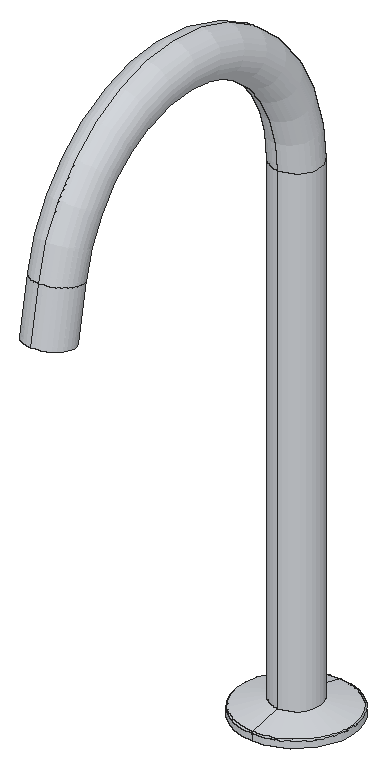
Revit family "Faucet-Lavatory-Spout-KOHLER-COMPONENTS-K-77965T_1", category Plumbing Fixtures, host Face, Revit 2017
Family settings
  Host = Face
  Round Connector Dimension = Use Diameter
  Part Type = Normal
  OmniClass Number = 23.31.11.00
  OmniClass Title = Faucets
  Cut with Voids When Loaded = No
  Shared = No
  Room Calculation Point = No
Parameters (values of type "CP-Polished Chrome")
  Width = 2 3/8"  # constant formula
  WaterSense Certified = 1 = 0  # no
  Waste Water Outlet = "Waste Water Outlet"  # constant formula
  Waste Connection = 1 = 0  # no
  Vent Connection = 1 = 0  # no
  URL = "http://www.kohler.com.cn/en/"
  Type = 1
  Spout Reach = 6 5/8"  # constant formula
  Product Page URL = "http://www.kohler.com.cn/product/K-77965T-AF/K-77965T-CP/"
  Product Name = "COMPONENTS"  # constant formula
  Product Documentation Link = "http://files.kohler.com.cn/pdfs/1558597636718_1287329-2-A(77965T%2077966T%2023887T...).pdf"
  Pressure = 0.00 psi
  Model = if(Type = 1, "K-77965T-CP", if(Type = 2, "K-77965T-BN ", if(Type = 3, "K-77965T-RGD ", if(Type = 4, "K-77965T-AF ", if(Type = 5, "K-77965T-2BL", if(Type = 6, "K-77965T-TT", "NA"))))))  # "K-77965T-CP"
  Material = "Premium Metal Construction"  # constant formula
  Master Format 2014 Name = "Residential Faucets, Supplies, and Trim"  # constant formula
  Master Format 2014 = "22 41 39"  # constant formula
  Manufacturer Address = "158 Jiangchang 3rd Road Zhabei District Shanghai, 200436 China "  # constant formula
  Manufacturer = "KOHLER Co."  # constant formula
  Length = Spout Reach  # 6 5/8"
  Hot Water Inlet = "Hot Water Inlet"  # constant formula
  Height = 14 7/16"  # constant formula
  HW Connection = 1 = 0  # no
  Flow Rate = 0 GPM
  Finish = Kohler-Metal-CP-Polished_Chrome
  Environmental Product Declaration = ""
  Drain Included = 1 = 1  # yes
  Description = "8-inch washbasin faucet with curved tube-shaped spout"  # constant formula
  Default Elevation = 36"
  Declare Label = ""
  Date Modified = "06/09/2020"  # constant formula
  Date Created = "06/09/2020"  # constant formula
  Copyright = "Copyright KOHLER Co."  # constant formula
  Contact Us = "http://www.kohler.com.cn/en/contact/contact-us/"
  Cold Water Inlet = "Cold Water Inlet"  # constant formula
  CW Connection = 1 = 0  # no
  Assembly Code = "D2010"
  ADA Compliant = 1 = 0  # no
Types (7): name | Type | Product Page URL | Model | Finish
  (no name) | 1 | "http://www.kohler.com.cn/product/K-77965T-AF/K-77965T-CP/" | "K-77965T-CP" | Kohler-Metal-CP-Polished_Chrome
  CP-Polished Chrome | 1 | "http://www.kohler.com.cn/product/K-77965T-AF/K-77965T-CP/" | "K-77965T-CP" | Kohler-Metal-CP-Polished_Chrome
  BN-Roman silver | 2 | "http://www.kohler.com.cn/product/K-77965T-AF/K-77965T-BN/" | "K-77965T-BN " | Kohler-Metal-BN-Roman_Silver
  RGD-Rose Gold | 3 | "http://www.kohler.com.cn/product/K-77965T-AF/K-77965T-RGD/" | "K-77965T-RGD " | Kohler-Metal-RGD-Rose_Gold
  AF-Flange Gold | 4 | "http://www.kohler.com.cn/product/K-77965T-AF/K-77965T-AF/" | "K-77965T-AF " | Kohler-Metal-AF-Flange_Gold
  2BL-Original Black | 5 | "http://www.kohler.com.cn/product/K-77965T-AF/K-77965T-2BL/" | "K-77965T-2BL" | Kohler-Metal-2BL-Original_Black
  TT-Titanium Silver | 6 | "http://www.kohler.com.cn/product/K-77965T-AF/K-77965T-TT/" | "K-77965T-TT" | Kohler-Metal-TT-Titanium_Silver
Reference planes (in)
  plane 1 "Center (Front/Back)": y = 0
  plane 2: z = 0
  plane 3 "Center (Left/Right)": x = 0
  plane 4: x = -1.1875
  plane 5: x = 1.1875
  plane 6: y = 1.18111
  plane 7: y = -1.18111
  plane 8: z = 14.4375
  plane 9: y = -6.625
  plane 10: z = 10.11811
  plane 11: x = -0.492
  plane 12: x = 0.492
  plane 13: y = -7.13179
  plane 14: z = 0.32268
  plane 15: y = 0.49201
  plane 16: y = -0.49201
Dimensions and locks (in)
  "Spout Reach": plane 1 "Center (Front/Back)" to plane 9
  "Height": level to plane 8
  "Width": plane 4 to plane 5
  "Length": plane 9 to plane 1 "Center (Front/Back)"
  locked: plane 7 to plane 6 at 2.36221
  locked: plane 11 to plane 12 at 0.98401
  locked: plane 10 to level at 10.11811
  aligned and locked: plane 2 to host face
  aligned and locked: level to host face
Automatic sketch dimensions
  host sketch curve to host sketch curve = 96"  (x2)
Nested families (in)
  nested 1: "K-77965T" at (0, 0, 0), type "K-77965T"
Definition of nested family "K-77965T"
  Parameters (values of type "K-77965T")
    Material = none
  Reference planes (in)
    plane 1 "Center (Front/Back)": y = 0
    plane 2: z = 0
    plane 3 "Center (Left/Right)": x = 0
    plane 4: z = 14.4375
    plane 5: x = -1.1875
    plane 6: x = 1.1875
    plane 7: y = 1.18111
    plane 8: y = -1.18111
    plane 9: y = -6.65354
    plane 10: z = 10.11811
  Forms (in)
    Sweep 1, solid, material <- "Material"
      path origin (0, 0, 0) x (0, 1, 0) y (0, 0, 1)
        loop
          line (0, 0.32403) -> (0, 10.68893)
          arc (0, 10.68893) -> (-2.96413, 13.92372) -> (-6.44495, 11.2528) r 3.24714
          line (-6.44495, 11.2528) -> (-6.64726, 10.10546)
      profile origin (0, 0, 0.32403) x (0, -1, 0) y (1, 0, 0)
        loop
          circle (0, 0) r 0.492
    Revolve 2, solid, material <- "Material", detail levels medium+fine
      sketch origin (0, 0, 0) x (0, 1, 0) y (0, 0, 1)
        loop
          line (0, 0) -> (1.18111, 0) -> (1.18111, 0.13926)
          arc (1.18111, 0.13926) -> (1.17614, 0.15359) -> (1.16338, 0.16177) r 0.02316
          line (1.16338, 0.16177) -> (0.4907, 0.32403) -> (0, 0.32403) -> (0, 0)
        axis (0, 0.32403) -> (0, 0)
      angle from 0 to 360
    Extrusion 3, solid, material <- "Material", detail levels coarse
      sketch origin (0, 0, 0) x (1, 0, 0) y (0, 1, 0)
        loop
          circle (0, 0) r 1.1811
      from 0 to 0.32403
  Lines and regions (in)
    Masking region 1
      outline origin (0, 0, 0) x (0, 1, 0) y (0, 0, 1)
        loop
          line (-7.13179, 10.20031) -> (-6.16273, 10.02944) -> (-5.96042, 11.17678)
          arc (-5.96042, 11.17678) -> (-3.00701, 13.44301) -> (-0.49201, 10.69835) r 2.75514
          line (-0.49201, 10.69835) -> (-0.49201, 0.32403) -> (-1.16346, 0.16175)
          arc (-1.16346, 0.16175) -> (-1.17617, 0.1536) -> (-1.18111, 0.13933) r 0.02306
          line (-1.18111, 0.13933) -> (-1.18111, 0) -> (1.18111, 0) -> (1.18111, 0.13933)
          arc (1.18111, 0.13933) -> (1.17617, 0.1536) -> (1.16346, 0.16175) r 0.02306
          line (1.16346, 0.16175) -> (0.49201, 0.32403) -> (0.49201, 10.69835)
          arc (0.49201, 10.69835) -> (-2.92125, 14.42327) -> (-6.92948, 11.34765) r 3.73915
          line (-6.92948, 11.34765) -> (-7.13179, 10.20031)
    Masking region 2
      outline origin (0, 0, 0) x (1, 0, 0) y (0, 0, 1)
        loop
          line (-1.1875, 0) -> (1.1875, 0) -> (1.1875, 0.13933)
          arc (1.1875, 0.13933) -> (1.18256, 0.1536) -> (1.16986, 0.16175) r 0.02306
          line (1.16986, 0.16175) -> (0.49201, 0.32558) -> (0.49201, 13.94549)
          arc (0.49201, 13.94549) -> (0, 14.4375) -> (-0.49201, 13.94549) r 0.49201
          line (-0.49201, 13.94549) -> (-0.49201, 0.32558) -> (-1.16986, 0.16175)
          arc (-1.16986, 0.16175) -> (-1.18256, 0.1536) -> (-1.1875, 0.13933) r 0.02306
          line (-1.1875, 0.13933) -> (-1.1875, 0)
    Masking region 3
      outline origin (0, 0, 0) x (1, 0, 0) y (0, 1, 0)
        loop
          arc (0.492, -1.07374) -> (0, 1.19454) -> (-0.492, -1.07374) r 1.1875
          line (-0.492, -1.07374) -> (-0.492, -6.64726)
          spline (-0.492, -6.64726) -> (-0.47524, -6.77267) -> (-0.42609, -6.88952) -> (-0.3479, -6.98987) -> (-0.246, -7.06687) -> (-0.12734, -7.11528) -> (0, -7.13179) -> (0.12734, -7.11528) -> (0.246, -7.06687) -> (0.3479, -6.98987) -> (0.42609, -6.88952) -> (0.47524, -6.77267) -> (0.492, -6.64726)
          line (0.492, -6.64726) -> (0.492, -1.07374)
    symbolic lines, detail levels medium+fine
      curve 1: spline (0, 0.49201, 0.32403) -> (0, 0.47524, 0.32368) -> (0, 0.42609, 0.32336) -> (0, 0.3479, 0.32308) -> (0, 0.246, 0.32286) -> (0, 0.12734, 0.32273) -> (0, 0, 0.32268) -> (0, -0.12734, 0.32273) -> (0, -0.246, 0.32286) -> (0, -0.3479, 0.32308) -> (0, -0.42609, 0.32336) -> (0, -0.47524, 0.32368) -> (0, -0.49201, 0.32403)
      curve 2: line (-0.492, 0, 0.32268) -> (0.49201, 0, 0.32403)
      curve 3: spline (-0.492, 0, 10.10546) -> (-0.47524, 0, 10.08335) -> (-0.42609, 0, 10.06274) -> (-0.3479, 0, 10.04505) -> (-0.246, 0, 10.03147) -> (-0.12734, 0, 10.02293) -> (0, 0, 10.02002) -> (0.12734, 0, 10.02293) -> (0.246, 0, 10.03147) -> (0.3479, 0, 10.04505) -> (0.42609, 0, 10.06274) -> (0.47524, 0, 10.08335) -> (0.492, 0, 10.10546) -> (0.47524, 0, 10.12757) -> (0.42609, 0, 10.14818) -> (0.3479, 0, 10.16587) -> (0.246, 0, 10.17945) -> (0.12734, 0, 10.18798) -> (0, 0, 10.19089) -> (-0.12734, 0, 10.18798) -> (-0.246, 0, 10.17945) -> (-0.3479, 0, 10.16587) -> (-0.42609, 0, 10.14818) -> (-0.47524, 0, 10.12757) -> (-0.492, 0, 10.10546)
      curve 4: arc (-0.492, 0, 0) -> (0, 0.492, 0) -> (0.492, 0, 0) r 0.492
      curve 5: line (-0.492, -1.07374, 0) -> (-0.492, 0, 0)
      curve 6: line (0.492, -1.07374, 0) -> (0.492, 0, 0)
      curve 7: line (0, 1.18111, 0.13933) -> (0, -1.18111, 0.13933)
      curve 8: line (-1.1875, 0, 0.13933) -> (1.1875, 0, 0.13933)
  Dimensions and locks (in)
    plane 1 "Center (Front/Back)" to plane 9 = 6.65354"
    level to plane 10 = 10.11811"
    aligned and locked: plane 2 to level
